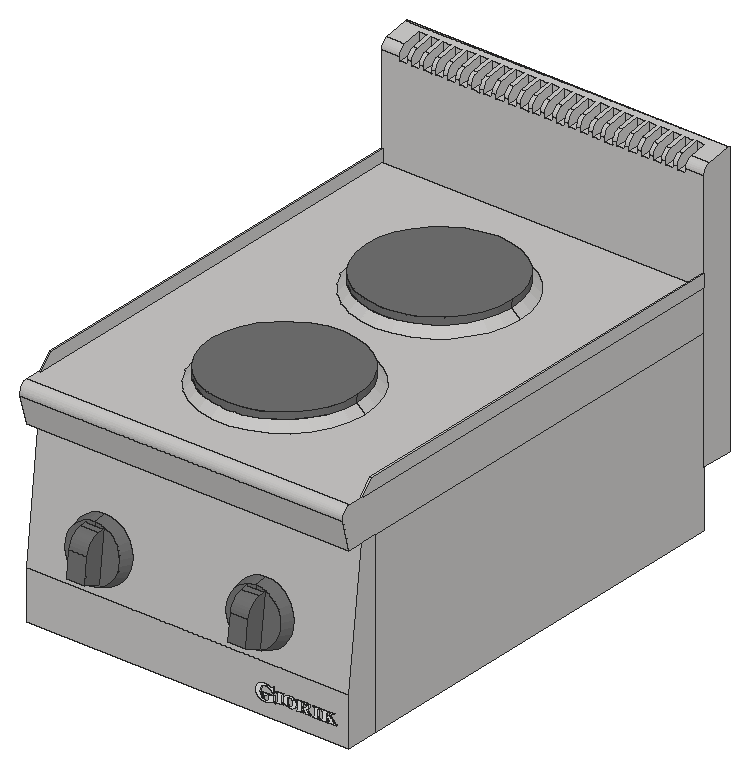
Revit family "QF_GIORIK_LPE4721", category Specialty Equipment, Revit 2014
Parameters (values of type "LPE4721")
  Weight in Pounds = 46.297
  Watts = 4000 W
  Volts = 230 V
  URL Cutsheet = "www.giorik.com"
  URL = "www.giorik.com"
  Status [instance] = ""
  Specification by User [instance] = ""
  Specification by Manufacturer = ""
  Show Logo [instance] = yes
  Show Clearance [instance] = yes
  Serial Number = ""
  Seismic Rating = ""
  SMACNA No = ""
  Revision Code [instance] = ""
  Phase = 1
  Number of Poles [instance] = 1
  NAFEM Spec ID Number = ""
  Model = "LPE4721"
  Min Ckt Ampacity = 0 A
  Max Overcurrent Protection = 0 A
  Masterspec = ""
  Manufacturer = "GIORIK"
  Item Number [instance] = ""
  Installed By [instance] = ""
  Identify Quantity as Lot [instance] = no
  HP = "5.364080000000"
  Furnished By [instance] = ""
  Foodservice Equipment Identifier [instance] = yes
  FL Amps = 0 A
  Electrical Remarks [instance] = ""
  Electric Connection Type [instance] = ""
  Elec Conn RI Height [instance] = 0 mm
  Elec Conn Connection Height [instance] = 45 mm
  Description = "COOKING TOP 2 PLATES"
  Cycle = 50 Hz
  Conn Plug = ""
  CSI MasterFormat = ""
  Assembly Code = "E1090320"
  Apparent Power = 4000 VA
Reference planes
  plane 1 "Back": y = 0
  plane 2: z = 0
  plane 3 "Left": x = 0
  plane 4 "Right": x = 400
  plane 5 "Front": y = -600
  plane 6 "Top": z = 430
Forms (mm)
  Extrusion 1, solid
    sketch origin (0, 1000, -580) x (0, 1, 0) y (0, 0, 1)
      loop
        line (-1040.007, 869.975) -> (-1589.445, 869.975)
        arc (-1589.445, 869.975) -> (-1598.171, 865.672) -> (-1600.069, 856.13) r 10.999
        line (-1600.069, 856.13) -> (-1590.388, 820) -> (-1040.007, 820) -> (-1040.007, 869.975)
    from 0 to 400
  Extrusion 2, solid
    sketch origin (0, 0, -560) x (0, 1, 0) y (0, 0, 1)
      loop
        line (-570.06, 849.975) -> (-40.007, 849.975) -> (-40.007, 865.387) -> (-554.648, 865.387) -> (-570.06, 849.975)
    from 0 to 1.85
  Extrusion 3, solid
    sketch origin (0, 0, -560) x (0, 1, 0) y (0, 0, 1)
      loop
        line (-40.007, 800) -> (-550, 800) -> (-550, 580) -> (-40.007, 580) -> (-40.007, 800)
    from 0 to 400
  Extrusion 4, solid
    sketch origin (0, 0, -560) x (0, 1, 0) y (0, 0, 1)
      loop
        line (-550, 800) -> (-570.5, 800) -> (-590, 640) -> (-590, 580) -> (-550, 580) -> (-550, 800)
    from 0 to 400
  Revolve 5, solid
    sketch origin (100.155, 0.456, -560.03) x (0, 1, 0) y (0, 0, 1)
      loop
        line (-598.03, 706.389) -> (-594.27, 737.013) -> (-609.648, 734.852) -> (-613.772, 701.269) -> (-581.482, 697.305) -> (-580.629, 704.252) -> (-598.03, 706.389)
      axis (-581.482, 697.305) -> (-613.772, 701.269)
    angle from 0 to 360
  Extrusion 6, solid
    sketch origin (398.094, 0, -560) x (0, 1, 0) y (0, 0, 1)
      loop
        line (-570.06, 849.975) -> (-40.007, 849.975) -> (-40.007, 865.387) -> (-554.648, 865.387) -> (-570.06, 849.975)
    from -0.15 to 1.906
  Extrusion 7, solid
    sketch origin (0, 0, -560) x (0, 1, 0) y (0, 0, 1)
      loop
        line (-40.007, 974.217) -> (-40.007, 650.827) -> (0, 650.827) -> (0, 988.42)
        arc (0, 988.42) -> (-0.57, 989.648) -> (-1.878, 990) r 1.6
        line (-1.878, 990) -> (-31.072, 984.852)
        arc (-31.072, 984.852) -> (-37.477, 981.162) -> (-40.007, 974.217) r 10.797
    from 0 to 400
  Extrusion 8, solid
    sketch origin (-62.831, 0.456, -560.03) x (0, 1, 0) y (0, 0, 1)
      loop
        line (-635.843, 711.553) -> (-639.647, 680.575) -> (-617.415, 671.593) -> (-610.135, 730.882) -> (-617.934, 729.786)
        arc (-617.934, 729.786) -> (-629.982, 723.708) -> (-635.843, 711.553) r 20.998
    from 151.831 to 173.831
  Revolve 9, solid
    sketch origin (300.155, 0.456, -560.03) x (0, 1, 0) y (0, 0, 1)
      loop
        line (-598.03, 706.389) -> (-594.27, 737.013) -> (-609.648, 734.852) -> (-613.772, 701.269) -> (-581.482, 697.305) -> (-580.629, 704.252) -> (-598.03, 706.389)
      axis (-581.482, 697.305) -> (-613.772, 701.269)
    angle from 0 to 360
  Extrusion 10, solid
    sketch origin (137.169, 0.456, -560.03) x (0, 1, 0) y (0, 0, 1)
      loop
        line (-635.843, 711.553) -> (-639.647, 680.575) -> (-617.415, 671.593) -> (-610.135, 730.882) -> (-617.934, 729.786)
        arc (-617.934, 729.786) -> (-629.982, 723.708) -> (-635.843, 711.553) r 20.998
    from 151.831 to 173.831
  Extrusion 11, solid
    sketch origin (368.319, 0, -561) x (1, 0, 0) y (0, 0, 1)
      loop
        circle (-38.319, 606) r 12.5
    from 20.007 to 40.007
  Extrusion 12, solid, visible <- "Show Logo"
    sketch origin (191.604, -590.5, -6.113) x (-1, 0, 0) y (0, 0, 1)
      loop
        line (-118.824, 58.358) -> (-127.804, 58.358) -> (-125.523, 56.445) -> (-125.523, 48.027) -> (-127.804, 46.113) -> (-118.824, 46.113) -> (-121.105, 48.027) -> (-121.105, 56.445) -> (-118.824, 58.358)
      loop
        line (-163.721, 58.358) -> (-172.7, 58.358) -> (-170.42, 56.445) -> (-170.42, 48.027) -> (-172.7, 46.113) -> (-163.721, 46.113) -> (-166.001, 48.027) -> (-166.001, 56.445) -> (-163.721, 58.358)
      loop
        line (-174.332, 58.358) -> (-183.312, 58.358) -> (-181.031, 56.445) -> (-181.031, 52.435) -> (-186.419, 56.955) -> (-184.416, 58.358) -> (-191.268, 58.358) -> (-188.01, 56.839) -> (-185.455, 54.283) -> (-190.846, 47.858) -> (-193.396, 46.93) -> (-193.396, 46.113) -> (-184.416, 46.113) -> (-185.437, 47.571) -> (-182.443, 51.552) -> (-181.031, 50.894) -> (-181.031, 48.027) -> (-183.312, 46.113) -> (-174.332, 46.113) -> (-176.613, 48.027) -> (-176.613, 56.445) -> (-174.332, 58.358)
      loop
        line (-115.429, 62.063) -> (-115.429, 54.198)
        arc (-115.429, 54.198) -> (-111.618, 57.803) -> (-106.847, 59.986) r 16.039
        arc (-106.847, 59.986) -> (-103.314, 59.837) -> (-100.512, 57.68) r 5.851
        arc (-100.512, 57.68) -> (-98.815, 52.267) -> (-100.512, 46.853) r 9.479
        arc (-100.512, 46.853) -> (-102.406, 44.986) -> (-104.846, 43.93) r 7.236
        arc (-104.846, 43.93) -> (-107.728, 44.111) -> (-110.052, 45.825) r 5.11
        line (-110.052, 45.825) -> (-110.052, 52.001) -> (-116.141, 52.001) -> (-116.141, 45.503) -> (-117.893, 43.751) -> (-114.094, 44.769)
        arc (-114.094, 44.769) -> (-112.56, 44.947) -> (-111.129, 44.366) r 3.115
        arc (-111.129, 44.366) -> (-104.216, 42.091) -> (-97.303, 44.366) r 11.641
        arc (-97.303, 44.366) -> (-93.396, 52.107) -> (-97.303, 59.849) r 9.622
        arc (-97.303, 59.849) -> (-104.369, 62.174) -> (-111.435, 59.849) r 11.898
        line (-111.435, 59.849) -> (-115.429, 62.063)
      loop
        arc (-129.234, 56.068) -> (-135.893, 58.628) -> (-142.552, 56.068) r 9.941
        arc (-142.552, 56.068) -> (-144.234, 52.286) -> (-142.552, 48.505) r 5.093
        arc (-142.552, 48.505) -> (-135.893, 45.945) -> (-129.234, 48.505) r 9.941
        arc (-129.234, 48.505) -> (-127.552, 52.286) -> (-129.234, 56.068) r 5.093
      loop
        arc (-132.628, 54.403) -> (-135.893, 57.668) -> (-139.158, 54.403) r 3.265
        line (-139.158, 54.403) -> (-139.158, 50.169)
        arc (-139.158, 50.169) -> (-135.893, 46.904) -> (-132.628, 50.169) r 3.265
        line (-132.628, 50.169) -> (-132.628, 54.403)
      loop
        arc (-156.363, 58.365) -> (-159.647, 55.081) -> (-156.363, 51.796) r 3.285
        line (-156.363, 51.796) -> (-159.529, 47.306) -> (-162.087, 46.113) -> (-155.847, 46.113) -> (-153.529, 51.083) -> (-150.637, 51.083) -> (-150.637, 47.784) -> (-153.022, 46.113) -> (-144.011, 46.113) -> (-146.094, 47.68) -> (-146.094, 56.493) -> (-144.229, 58.365) -> (-156.363, 58.365)
      loop
        line (-150.637, 57.512) -> (-153.637, 57.512)
        arc (-153.637, 57.512) -> (-156.237, 54.912) -> (-153.637, 52.312) r 2.6
        line (-153.637, 52.312) -> (-150.637, 52.312) -> (-150.637, 57.512)
      loop
        line (-108.924, 52.001) -> (-104.936, 49.005) -> (-100.948, 52.001) -> (-108.924, 52.001)
    from 1.5 to -0.5
  Extrusion 13, void
    sketch origin (7.5, 0, 430) x (0, 1, 0) y (-1, 0, 0)
      loop
        line (-40.007, -25) -> (-9.931, -25) -> (-9.931, -15) -> (-40.007, -15) -> (-40.007, -25)
      loop
        line (-40.007, -40) -> (-9.931, -40) -> (-9.931, -30) -> (-40.007, -30) -> (-40.007, -40)
      loop
        line (-40.007, -55) -> (-9.931, -55) -> (-9.931, -45) -> (-40.007, -45) -> (-40.007, -55)
      loop
        line (-40.007, -70) -> (-9.931, -70) -> (-9.931, -60) -> (-40.007, -60) -> (-40.007, -70)
      loop
        line (-40.007, -85) -> (-9.931, -85) -> (-9.931, -75) -> (-40.007, -75) -> (-40.007, -85)
      loop
        line (-40.007, -100) -> (-9.931, -100) -> (-9.931, -90) -> (-40.007, -90) -> (-40.007, -100)
      loop
        line (-40.007, -115) -> (-9.931, -115) -> (-9.931, -105) -> (-40.007, -105) -> (-40.007, -115)
      loop
        line (-40.007, -130) -> (-9.931, -130) -> (-9.931, -120) -> (-40.007, -120) -> (-40.007, -130)
      loop
        line (-40.007, -145) -> (-9.931, -145) -> (-9.931, -135) -> (-40.007, -135) -> (-40.007, -145)
      loop
        line (-40.007, -160) -> (-9.931, -160) -> (-9.931, -150) -> (-40.007, -150) -> (-40.007, -160)
      loop
        line (-40.007, -175) -> (-9.931, -175) -> (-9.931, -165) -> (-40.007, -165) -> (-40.007, -175)
      loop
        line (-40.007, -190) -> (-9.931, -190) -> (-9.931, -180) -> (-40.007, -180) -> (-40.007, -190)
      loop
        line (-40.007, -205) -> (-9.931, -205) -> (-9.931, -195) -> (-40.007, -195) -> (-40.007, -205)
      loop
        line (-40.007, -220) -> (-9.931, -220) -> (-9.931, -210) -> (-40.007, -210) -> (-40.007, -220)
      loop
        line (-40.007, -235) -> (-9.931, -235) -> (-9.931, -225) -> (-40.007, -225) -> (-40.007, -235)
      loop
        line (-40.007, -250) -> (-9.931, -250) -> (-9.931, -240) -> (-40.007, -240) -> (-40.007, -250)
      loop
        line (-40.007, -265) -> (-9.931, -265) -> (-9.931, -255) -> (-40.007, -255) -> (-40.007, -265)
      loop
        line (-40.007, -280) -> (-9.931, -280) -> (-9.931, -270) -> (-40.007, -270) -> (-40.007, -280)
      loop
        line (-40.007, -295) -> (-9.931, -295) -> (-9.931, -285) -> (-40.007, -285) -> (-40.007, -295)
      loop
        line (-40.007, -310) -> (-9.931, -310) -> (-9.931, -300) -> (-40.007, -300) -> (-40.007, -310)
      loop
        line (-40.007, -325) -> (-9.931, -325) -> (-9.931, -315) -> (-40.007, -315) -> (-40.007, -325)
      loop
        line (-40.007, -340) -> (-9.931, -340) -> (-9.931, -330) -> (-40.007, -330) -> (-40.007, -340)
      loop
        line (-40.007, -355) -> (-9.931, -355) -> (-9.931, -345) -> (-40.007, -345) -> (-40.007, -355)
      loop
        line (-40.007, -370) -> (-9.931, -370) -> (-9.931, -360) -> (-40.007, -360) -> (-40.007, -370)
    from 0 to -20
  Extrusion 14, solid
    sketch origin (566.603, 15.293, -30) x (0, 1, 0) y (-1, 0, 0)
      loop
        circle (-79.293, 516.603) r 5
    from 41.965 to 50
  Revolve 15, solid
    sketch origin (50, 19.943, -600) x (0, 1, 0) y (0, 0, 1)
      loop
        line (-83.943, 611.965) -> (-94.752, 611.965) -> (-97.943, 600) -> (-83.943, 600) -> (-83.943, 611.965)
      axis (-83.943, 611.965) -> (-83.943, 600)
    angle from 0 to 360
  Extrusion 16, solid
    sketch origin (-166.603, 15.293, -30) x (0, 1, 0) y (-1, 0, 0)
      loop
        circle (-79.293, -516.603) r 5
    from 41.965 to 50
  Revolve 17, solid
    sketch origin (350, 19.943, -600) x (0, 1, 0) y (0, 0, -1)
      loop
        line (-83.943, -611.965) -> (-83.943, -600) -> (-97.943, -600) -> (-94.752, -611.965) -> (-83.943, -611.965)
      axis (-83.943, -611.965) -> (-83.943, -600)
    angle from 0 to 360
  Extrusion 18, solid
    sketch origin (566.603, -459.707, -30) x (0, 1, 0) y (-1, 0, 0)
      loop
        circle (-79.293, 516.603) r 5
    from 41.965 to 50
  Revolve 19, solid
    sketch origin (50, -455.057, -600) x (0, 1, 0) y (0, 0, 1)
      loop
        line (-83.943, 611.965) -> (-94.752, 611.965) -> (-97.943, 600) -> (-83.943, 600) -> (-83.943, 611.965)
      axis (-83.943, 611.965) -> (-83.943, 600)
    angle from 0 to 360
  Extrusion 20, solid
    sketch origin (-166.603, -459.707, -30) x (0, 1, 0) y (-1, 0, 0)
      loop
        circle (-79.293, -516.603) r 5
    from 41.965 to 50
  Revolve 21, solid
    sketch origin (350, -455.057, -600) x (0, 1, 0) y (0, 0, -1)
      loop
        line (-83.943, -611.965) -> (-83.943, -600) -> (-97.943, -600) -> (-94.752, -611.965) -> (-83.943, -611.965)
      axis (-83.943, -611.965) -> (-83.943, -600)
    angle from 0 to 360
  Extrusion 22, solid
    sketch origin (10.001, 31.516, 284.975) x (0, 1, 0) y (-1, 0, 0)
      loop
        circle (-231.5, -189.999) r 90
    from 23 to 15
  Blend 23, solid
    base sketch origin (754.361, -790.989, 289.975) x (0, 1, 0) y (-1, 0, 0)
      loop
        circle (591.004, 554.361) r 100
    top sketch origin (754.361, -790.989, 319.988) x (0, 1, 0) y (-1, 0, 0)
      loop
        circle (591.004, 554.361) r 90
    from 0 to -20.012
  Extrusion 24, solid
    sketch origin (10.001, -671.522, 284.975) x (0, -1, 0) y (1, 0, 0)
      loop
        circle (-231.5, 189.999) r 90
    from 23 to 15
  Blend 25, solid
    base sketch origin (754.361, 150.982, 289.975) x (0, -1, 0) y (1, 0, 0)
      loop
        circle (591.004, -554.361) r 100
    top sketch origin (754.361, 150.982, 319.988) x (0, -1, 0) y (1, 0, 0)
      loop
        circle (591.004, -554.361) r 90
    from 0 to -20.012
Cuts and joins
  Extrusion 13 cuts Extrusion 7
Lines and regions (mm)
  symbolic lines, style "200-EquipBorder-2D"
    curve 1: line (400, 0, 0) -> (0, 0, 0)
    curve 2: line (0, 0, 0) -> (0, -600, 0)
    curve 80: line (400, -600, 430) -> (400, 0, 430)
    curve 85: line (400, -600, 430) -> (0, -600, 430)
    curve 86: spline (89, -617.202, 990) -> (85.789, -617.041, 990) -> (82.73, -616.841, 990) -> (79.856, -616.604, 990) -> (77.196, -616.332, 990) -> (74.779, -616.028, 990) -> (72.63, -615.696, 990) -> (70.772, -615.338, 990) -> (69.225, -614.96, 990) -> (68.004, -614.563, 990) -> (67.122, -614.154, 990) -> (66.59, -613.736, 990) -> (66.412, -613.313, 990)
    curve 87: spline (134.073, -613.408, 990) -> (133.819, -613.826, 990) -> (133.218, -614.239, 990) -> (132.275, -614.643, 990) -> (131.001, -615.033, 990) -> (129.408, -615.405, 990) -> (127.513, -615.755, 990) -> (125.336, -616.08, 990) -> (122.898, -616.376, 990) -> (120.227, -616.641, 990) -> (117.348, -616.871, 990) -> (114.293, -617.065, 990) -> (111.091, -617.219, 990)
    curve 88: line (66.412, -613.313, 990) -> (62.735, -600, 990)
    curve 89: line (134.073, -613.408, 990) -> (137.578, -600, 990)
    curve 90: line (89, -639.19, 430) -> (89, -609.679, 430)
    curve 91: line (89, -639.19, 430) -> (111, -639.19, 430)
    curve 92: line (111, -639.19, 430) -> (111, -609.679, 430)
    curve 93: spline (66.412, -613.313, 430) -> (67.564, -612.264, 430) -> (70.941, -611.286, 430) -> (76.314, -610.446, 430) -> (83.316, -609.802, 430) -> (91.47, -609.396, 430) -> (100.22, -609.258, 430) -> (108.97, -609.396, 430) -> (117.124, -609.802, 430) -> (124.126, -610.446, 430) -> (129.499, -611.286, 430) -> (132.877, -612.264, 430) -> (134.029, -613.313, 430)
    curve 94: line (89, -609.679, 430) -> (111, -609.679, 430)
    curve 95: spline (289, -617.202, 990) -> (285.789, -617.041, 990) -> (282.73, -616.841, 990) -> (279.856, -616.604, 990) -> (277.196, -616.332, 990) -> (274.779, -616.028, 990) -> (272.63, -615.696, 990) -> (270.772, -615.338, 990) -> (269.225, -614.96, 990) -> (268.004, -614.563, 990) -> (267.122, -614.154, 990) -> (266.59, -613.736, 990) -> (266.412, -613.313, 990)
    curve 96: spline (334.073, -613.408, 990) -> (333.819, -613.826, 990) -> (333.218, -614.239, 990) -> (332.275, -614.643, 990) -> (331.001, -615.033, 990) -> (329.408, -615.405, 990) -> (327.513, -615.755, 990) -> (325.336, -616.08, 990) -> (322.898, -616.376, 990) -> (320.227, -616.641, 990) -> (317.348, -616.871, 990) -> (314.293, -617.065, 990) -> (311.091, -617.219, 990)
    curve 97: line (266.412, -613.313, 990) -> (262.735, -600, 990)
    curve 98: line (334.073, -613.408, 990) -> (337.578, -600, 990)
    curve 99: line (289, -639.19, 430) -> (289, -609.679, 430)
    curve 100: line (289, -639.19, 430) -> (311, -639.19, 430)
    curve 101: line (311, -639.19, 430) -> (311, -609.679, 430)
    curve 102: spline (266.412, -613.313, 430) -> (267.564, -612.264, 430) -> (270.941, -611.286, 430) -> (276.314, -610.446, 430) -> (283.316, -609.802, 430) -> (291.47, -609.396, 430) -> (300.22, -609.258, 430) -> (308.97, -609.396, 430) -> (317.124, -609.802, 430) -> (324.126, -610.446, 430) -> (329.499, -611.286, 430) -> (332.877, -612.264, 430) -> (334.029, -613.313, 430)
    curve 103: line (289, -609.679, 430) -> (311, -609.679, 430)
  symbolic lines, style "200-EquipInternal-2D"
    curve 3: line (400, -40.007, 430) -> (0, -40.007, 430)
    curve 4: line (397.944, -570.06, 430) -> (400, -570.06, 430)
    curve 5: line (397.944, -40.007, 430) -> (397.944, -570.06, 430)
    curve 6: line (0, -570.06, 430) -> (1.85, -570.06, 430)
    curve 7: line (1.85, -570.06, 430) -> (1.85, -40.007, 430)
    curve 8: line (22.5, -9.931, 290) -> (22.5, -40.007, 290)
    curve 9: line (32.5, -40.007, 290) -> (32.5, -9.931, 290)
    curve 10: line (37.5, -9.931, 290) -> (37.5, -40.007, 290)
    curve 11: line (47.5, -40.007, 290) -> (47.5, -9.931, 290)
    curve 12: line (52.5, -9.931, 290) -> (52.5, -40.007, 290)
    curve 13: line (62.5, -40.007, 290) -> (62.5, -9.931, 290)
    curve 14: line (82.5, -9.931, 290) -> (82.5, -40.007, 290)
    curve 15: line (92.5, -40.007, 290) -> (92.5, -9.931, 290)
    curve 16: line (97.5, -9.931, 290) -> (97.5, -40.007, 290)
    curve 17: line (107.5, -40.007, 290) -> (107.5, -9.931, 290)
    curve 18: line (137.5, -40.007, 290) -> (137.5, -9.931, 290)
    curve 19: line (127.5, -9.931, 290) -> (127.5, -40.007, 290)
    curve 20: line (152.5, -40.007, 290) -> (152.5, -9.931, 290)
    curve 21: line (157.5, -9.931, 290) -> (157.5, -40.007, 290)
    curve 22: line (167.5, -40.007, 290) -> (167.5, -9.931, 290)
    curve 23: line (142.5, -9.931, 290) -> (142.5, -40.007, 290)
    curve 24: line (197.5, -40.007, 290) -> (197.5, -9.931, 290)
    curve 25: line (187.5, -9.931, 290) -> (187.5, -40.007, 290)
    curve 26: line (202.5, -9.931, 290) -> (202.5, -40.007, 290)
    curve 27: line (212.5, -40.007, 290) -> (212.5, -9.931, 290)
    curve 28: line (217.5, -9.931, 290) -> (217.5, -40.007, 290)
    curve 29: line (227.5, -40.007, 290) -> (227.5, -9.931, 290)
    curve 30: line (247.5, -9.931, 290) -> (247.5, -40.007, 290)
    curve 31: line (257.5, -40.007, 290) -> (257.5, -9.931, 290)
    curve 32: line (262.5, -9.931, 290) -> (262.5, -40.007, 290)
    curve 33: line (272.5, -40.007, 290) -> (272.5, -9.931, 290)
    curve 34: line (277.5, -9.931, 290) -> (277.5, -40.007, 290)
    curve 35: line (287.5, -40.007, 290) -> (287.5, -9.931, 290)
    curve 36: line (317.5, -40.007, 290) -> (317.5, -9.931, 290)
    curve 37: line (307.5, -9.931, 290) -> (307.5, -40.007, 290)
    curve 38: line (332.5, -40.007, 290) -> (332.5, -9.931, 290)
    curve 39: line (322.5, -9.931, 290) -> (322.5, -40.007, 290)
    curve 40: line (337.5, -9.931, 290) -> (337.5, -40.007, 290)
    curve 41: line (347.5, -40.007, 290) -> (347.5, -9.931, 290)
    curve 42: line (367.5, -9.931, 290) -> (367.5, -40.007, 290)
    curve 43: line (377.5, -40.007, 290) -> (377.5, -9.931, 290)
    curve 44: line (377.5, -9.931, 290) -> (367.5, -9.931, 290)
    curve 45: line (347.5, -9.931, 290) -> (337.5, -9.931, 290)
    curve 46: line (332.5, -9.931, 290) -> (322.5, -9.931, 290)
    curve 47: line (317.5, -9.931, 290) -> (307.5, -9.931, 290)
    curve 48: line (272.5, -9.931, 290) -> (262.5, -9.931, 290)
    curve 49: line (107.5, -9.931, 290) -> (97.5, -9.931, 290)
    curve 50: line (92.5, -9.931, 290) -> (82.5, -9.931, 290)
    curve 51: line (62.5, -9.931, 290) -> (52.5, -9.931, 290)
    curve 52: line (32.5, -9.931, 290) -> (22.5, -9.931, 290)
    curve 53: line (137.5, -9.931, 290) -> (127.5, -9.931, 290)
    curve 54: line (152.5, -9.931, 290) -> (142.5, -9.931, 290)
    curve 55: line (167.5, -9.931, 290) -> (157.5, -9.931, 290)
    curve 56: line (197.5, -9.931, 290) -> (187.5, -9.931, 290)
    curve 57: line (212.5, -9.931, 290) -> (202.5, -9.931, 290)
    curve 58: line (227.5, -9.931, 290) -> (217.5, -9.931, 290)
    curve 59: line (257.5, -9.931, 290) -> (247.5, -9.931, 290)
    curve 60: line (47.5, -9.931, 290) -> (37.5, -9.931, 290)
    curve 61: line (67.5, -9.931, 430) -> (67.5, -40.007, 430)
    curve 62: line (77.5, -40.007, 430) -> (77.5, -9.931, 430)
    curve 63: line (77.5, -9.931, 430) -> (67.5, -9.931, 430)
    curve 64: line (112.5, -9.931, 430) -> (112.5, -40.007, 430)
    curve 65: line (122.5, -40.007, 430) -> (122.5, -9.931, 430)
    curve 66: line (122.5, -9.931, 430) -> (112.5, -9.931, 430)
    curve 67: line (172.5, -9.931, 430) -> (172.5, -40.007, 430)
    curve 68: line (182.5, -40.007, 430) -> (182.5, -9.931, 430)
    curve 69: line (182.5, -9.931, 430) -> (172.5, -9.931, 430)
    curve 70: line (232.5, -9.931, 430) -> (232.5, -40.007, 430)
    curve 71: line (242.5, -40.007, 430) -> (242.5, -9.931, 430)
    curve 72: line (242.5, -9.931, 430) -> (232.5, -9.931, 430)
    curve 73: line (287.5, -9.931, 430) -> (277.5, -9.931, 430)
    curve 74: line (302.5, -9.931, 430) -> (292.5, -9.931, 430)
    curve 75: line (292.5, -9.931, 430) -> (292.5, -40.007, 430)
    curve 76: line (302.5, -40.007, 430) -> (302.5, -9.931, 430)
    curve 77: line (352.5, -9.931, 430) -> (352.5, -40.007, 430)
    curve 78: line (362.5, -40.007, 430) -> (362.5, -9.931, 430)
    curve 79: line (362.5, -9.931, 430) -> (352.5, -9.931, 430)
    curve 81: circle (200, -199.984, 290) r 90 normal (0, 0, 1)
    curve 82: circle (200, -199.984, 290) r 100 normal (0, 0, 1)
    curve 83: circle (200, -440.022, 290) r 90 normal (0, 0, 1)
    curve 84: circle (200, -440.022, 290) r 100 normal (0, 0, 1)
Dimensions and locks
  plane 3 "Left" to plane 4 "Right" = 400 mm
  plane 5 "Front" to plane 1 "Back" = 600 mm
  plane 4 "Right" to plane 3 "Left" = 400 mm
  plane 1 "Back" to plane 5 "Front" = 600 mm
  plane 6 "Top" to level = 430 mm  (x2)
  aligned and locked: level to plane 2
Connectors
  electrical at (330, -20.007, 45), driven by "Apparent Power", driven by "Volts", driven by "Number of Poles"
    settings: on Extrusion 11, index 1, voltage 230 V, apparent load 0 VA, apparent load phase1 4000 VA, apparent load phase2 0 VA, apparent load phase3 0 VA, power factor 1, load classification "Other", number of poles 1, system type 31, power factor state 1, is connector primary yes, connector utility no, sub classification motor no, connector description "Electrical connection"
